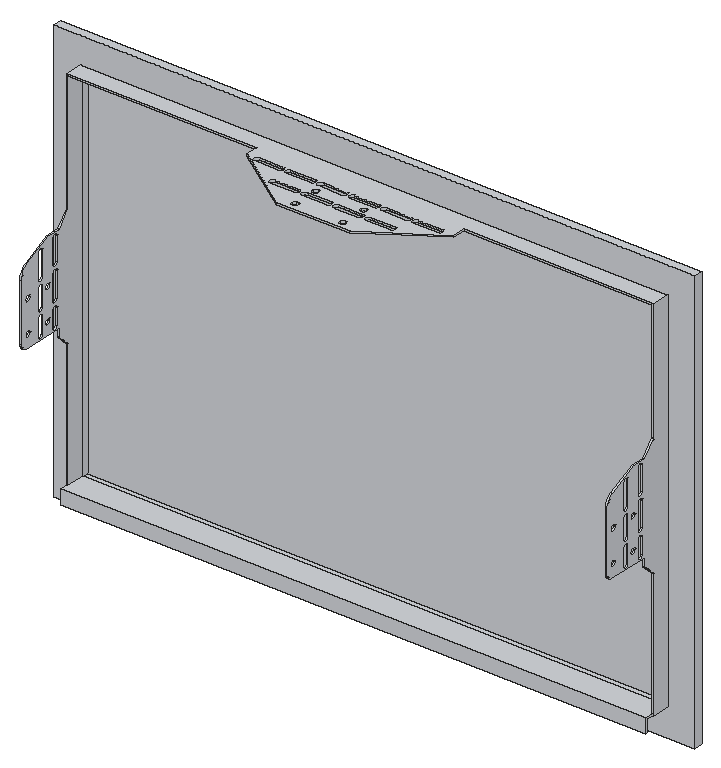
Revit family "AX8909E-530X350_0004", category Appareils sanitaires, Revit 2016
Family settings
  Hôte = Mur
  Type d'élément = Normal
  Cote de connecteur circulaire = Utiliser le diamètre
  Numéro OmniClass = 23.75.00.00
  Titre OmniClass = Climate Control (HVAC)
  Toujours verticalement = Oui
  Couper avec des vides une fois chargée = Non
  Partagée = Non
  Point de calcul de pièce = Non
Parameters (values of type "Type 1")
  URL = "https://www.axeuro.com"
  Modèle = "AX8909E-530X350"  # constant formula
  Matériaux = "En inox 304 (18/10) Bactériostatique"  # constant formula
  Finition = "Brossé Poli Satiné HyperPolish"  # constant formula
  Fabricant = "Axeuro"  # constant formula
  Description = "Clapet de poubelle"  # constant formula
Reference planes
  plane 1 "Mur": y = 0
  plane 2 "Centre (gauche/droite)": x = 0
  plane 3 "Arrière": y = 75
Forms (mm)
  Extrusion 1, solid
    sketch origin (123.191, 81.8, -85) x (1, 0, 0) y (0, 0, 1)
      loop
        line (141.809, 911.709) -> (-388.191, 911.709) -> (-388.191, 561.709) -> (141.809, 561.709) -> (141.809, 911.709)
    from 0 to 6.8
  Extrusion 2, void
    sketch origin (102, 5, 0) x (1, 0, 0) y (0, 0, 1)
      loop
        line (139.2, 802.709) -> (-343.2, 802.709) -> (-343.2, 500.009) -> (139.2, 500.009) -> (139.2, 802.709)
    from -76.8 to -70
  Extrusion 3, solid
    sketch origin (105.1, -70, -72.844) x (0, 1, 0) y (0, 0, 1)
      loop
        line (145, 796.209) -> (121.3, 766.209) -> (110.3, 766.209) -> (87.781, 755.352)
        arc (87.781, 755.352) -> (83.577, 751.45) -> (82.3, 745.859) r 9.736
        line (82.3, 745.859) -> (82.3, 697.832)
        arc (82.3, 697.832) -> (83.654, 694.563) -> (86.923, 693.209) r 4.623
        line (86.923, 693.209) -> (121.3, 693.209) -> (121.3, 686.209) -> (145, 663.209) -> (145, 796.209)
    from 136.1 to 137.5
  Extrusion 4, void
    sketch origin (105.1, -81.372, -54.977) x (0, 1, 0) y (0, 0, 1)
      loop
        line (125.072, 745.282) -> (125.072, 725.582)
        arc (125.072, 725.582) -> (127.722, 722.932) -> (130.372, 725.582) r 2.65
        line (130.372, 725.582) -> (130.372, 745.282)
        arc (130.372, 745.282) -> (127.722, 747.932) -> (125.072, 745.282) r 2.65
    from 136.1 to 137.5
  Extrusion 5, void
    sketch origin (105.1, -88.001, -81.277) x (0, 1, 0) y (0, 0, 1)
      loop
        line (131.701, 745.282) -> (131.701, 724.892)
        arc (131.701, 724.892) -> (134.351, 722.242) -> (137.001, 724.892) r 2.65
        line (137.001, 724.892) -> (137.001, 745.282)
        arc (137.001, 745.282) -> (134.351, 747.932) -> (131.701, 745.282) r 2.65
    from 136.1 to 137.5
  Extrusion 6, void
    sketch origin (105.1, -88.001, -108.268) x (0, 1, 0) y (0, 0, 1)
      loop
        line (131.701, 745.282) -> (131.701, 731.762)
        arc (131.701, 731.762) -> (134.351, 729.112) -> (137.001, 731.762) r 2.65
        line (137.001, 731.762) -> (137.001, 745.282)
        arc (137.001, 745.282) -> (134.351, 747.932) -> (131.701, 745.282) r 2.65
    from 136.1 to 137.5
  Extrusion 7, void
    sketch origin (105.1, -5.467, -86.345) x (0, 1, 0) y (0, 0, 1)
      loop
        circle (23.967, 717.01) r 2.65
    from 136.1 to 137.5
  Extrusion 8, void
    sketch origin (105.1, 14.933, -86.345) x (0, 1, 0) y (0, 0, 1)
      loop
        circle (23.967, 717.01) r 2.65
    from 136.1 to 137.5
  Extrusion 9, void
    sketch origin (105.1, -96.172, -59.688) x (0, 1, 0) y (0, 0, 1)
      loop
        line (125.072, 745.282) -> (125.072, 725.582)
        arc (125.072, 725.582) -> (127.722, 722.932) -> (130.372, 725.582) r 2.65
        line (130.372, 725.582) -> (130.372, 745.282)
        arc (130.372, 745.282) -> (127.722, 747.932) -> (125.072, 745.282) r 2.65
    from 136.1 to 137.5
  Extrusion 10, void
    sketch origin (105.1, -102.801, -81.277) x (0, 1, 0) y (0, 0, 1)
      loop
        line (131.701, 740.572) -> (131.701, 724.892)
        arc (131.701, 724.892) -> (134.351, 722.242) -> (137.001, 724.892) r 2.65
        line (137.001, 724.892) -> (137.001, 740.572)
        arc (137.001, 740.572) -> (134.351, 743.222) -> (131.701, 740.572) r 2.65
    from 136.1 to 137.5
  Extrusion 11, void
    sketch origin (105.1, -102.801, -108.268) x (0, 1, 0) y (0, 0, 1)
      loop
        line (131.701, 745.282) -> (131.701, 731.762)
        arc (131.701, 731.762) -> (134.351, 729.112) -> (137.001, 731.762) r 2.65
        line (137.001, 731.762) -> (137.001, 745.282)
        arc (137.001, 745.282) -> (134.351, 747.932) -> (131.701, 745.282) r 2.65
    from 136.1 to 137.5
  Extrusion 12, void
    sketch origin (105.1, -5.467, -60.145) x (0, 1, 0) y (0, 0, 1)
      loop
        circle (23.967, 717.01) r 2.65
    from 136.1 to 137.5
  Extrusion 13, void
    sketch origin (105.1, 14.933, -60.145) x (0, 1, 0) y (0, 0, 1)
      loop
        circle (23.967, 717.01) r 2.65
    from 136.1 to 137.5
  Extrusion 14, solid
    sketch origin (102, 0, -157.41) x (0, 1, 0) y (0, 0, 1)
      loop
        line (75, 658.109) -> (53, 658.109) -> (53, 646.109) -> (54.4, 646.109) -> (54.4, 656.709) -> (75, 656.709) -> (75, 658.109)
    from -343.7 to 139.7
  Extrusion 15, solid
    sketch origin (-0.015, 0, -22.1) x (1, 0, 0) y (0, 1, 0)
      loop
        line (-85.5, 75) -> (-85.5, 49.8) -> (-30, 12.273) -> (30, 12.273) -> (85.5, 49.8) -> (85.5, 75) -> (-85.5, 75)
    from 825.309 to 826.709
  Extrusion 16, void
    sketch origin (-38.719, -106.688, 2.4) x (1, 0, 0) y (0, 1, 0)
      loop
        arc (68.305, 141.411) -> (65.655, 138.761) -> (68.305, 136.111) r 2.65
        line (68.305, 136.111) -> (88.005, 136.111)
        arc (88.005, 136.111) -> (90.655, 138.761) -> (88.005, 141.411) r 2.65
        line (88.005, 141.411) -> (68.305, 141.411)
    from 800.809 to 802.209
  Extrusion 17, void
    sketch origin (-52.367, -79.673, 2.4) x (1, 0, 0) y (0, 1, 0)
      loop
        circle (32.602, 97.746) r 2.68
    from 800.809 to 802.209
  Extrusion 18, void
    sketch origin (-12.867, -79.673, 2.4) x (1, 0, 0) y (0, 1, 0)
      loop
        circle (32.602, 97.746) r 2.68
    from 800.809 to 802.209
  Extrusion 19, solid
    sketch origin (102, 75, 0) x (1, 0, 0) y (0, 0, 1)
      loop
        line (139.2, 803.209) -> (-343.2, 803.209) -> (-343.2, 500.699) -> (139.2, 500.699) -> (139.2, 803.209)
      loop
        line (140.6, 804.609) -> (-344.6, 804.609) -> (-344.6, 499.299) -> (140.6, 499.299) -> (140.6, 804.609)
    from 0 to 14.8
  Extrusion 20, solid
    sketch origin (-105.1, -70, -72.844) x (0, 1, 0) y (0, 0, -1)
      loop
        line (145, -796.209) -> (145, -663.209) -> (121.3, -686.209) -> (121.3, -693.209) -> (86.923, -693.209)
        arc (86.923, -693.209) -> (83.654, -694.563) -> (82.3, -697.832) r 4.623
        line (82.3, -697.832) -> (82.3, -745.859)
        arc (82.3, -745.859) -> (83.577, -751.45) -> (87.781, -755.352) r 9.736
        line (87.781, -755.352) -> (110.3, -766.209) -> (121.3, -766.209) -> (145, -796.209)
    from 136.1 to 137.5
  Extrusion 21, void
    sketch origin (-105.1, -81.372, -54.977) x (0, 1, 0) y (0, 0, -1)
      loop
        arc (125.072, -745.282) -> (127.722, -747.932) -> (130.372, -745.282) r 2.65
        line (130.372, -745.282) -> (130.372, -725.582)
        arc (130.372, -725.582) -> (127.722, -722.932) -> (125.072, -725.582) r 2.65
        line (125.072, -725.582) -> (125.072, -745.282)
    from 136.1 to 137.5
  Extrusion 22, void
    sketch origin (-105.1, -88.001, -81.277) x (0, 1, 0) y (0, 0, -1)
      loop
        arc (131.701, -745.282) -> (134.351, -747.932) -> (137.001, -745.282) r 2.65
        line (137.001, -745.282) -> (137.001, -724.892)
        arc (137.001, -724.892) -> (134.351, -722.242) -> (131.701, -724.892) r 2.65
        line (131.701, -724.892) -> (131.701, -745.282)
    from 136.1 to 137.5
  Extrusion 23, void
    sketch origin (-105.1, -88.001, -108.268) x (0, 1, 0) y (0, 0, -1)
      loop
        arc (131.701, -745.282) -> (134.351, -747.932) -> (137.001, -745.282) r 2.65
        line (137.001, -745.282) -> (137.001, -731.762)
        arc (137.001, -731.762) -> (134.351, -729.112) -> (131.701, -731.762) r 2.65
        line (131.701, -731.762) -> (131.701, -745.282)
    from 136.1 to 137.5
  Extrusion 24, void
    sketch origin (-105.1, -5.467, -86.345) x (0, 1, 0) y (0, 0, -1)
      loop
        circle (23.967, -717.01) r 2.65
    from 136.1 to 137.5
  Extrusion 25, void
    sketch origin (-105.1, 14.933, -86.345) x (0, 1, 0) y (0, 0, -1)
      loop
        circle (23.967, -717.01) r 2.65
    from 136.1 to 137.5
  Extrusion 26, void
    sketch origin (-105.1, -96.172, -59.688) x (0, 1, 0) y (0, 0, -1)
      loop
        arc (125.072, -745.282) -> (127.722, -747.932) -> (130.372, -745.282) r 2.65
        line (130.372, -745.282) -> (130.372, -725.582)
        arc (130.372, -725.582) -> (127.722, -722.932) -> (125.072, -725.582) r 2.65
        line (125.072, -725.582) -> (125.072, -745.282)
    from 136.1 to 137.5
  Extrusion 27, void
    sketch origin (-105.1, -102.801, -81.277) x (0, 1, 0) y (0, 0, -1)
      loop
        arc (131.701, -740.572) -> (134.351, -743.222) -> (137.001, -740.572) r 2.65
        line (137.001, -740.572) -> (137.001, -724.892)
        arc (137.001, -724.892) -> (134.351, -722.242) -> (131.701, -724.892) r 2.65
        line (131.701, -724.892) -> (131.701, -740.572)
    from 136.1 to 137.5
  Extrusion 28, void
    sketch origin (-105.1, -102.801, -108.268) x (0, 1, 0) y (0, 0, -1)
      loop
        arc (131.701, -745.282) -> (134.351, -747.932) -> (137.001, -745.282) r 2.65
        line (137.001, -745.282) -> (137.001, -731.762)
        arc (137.001, -731.762) -> (134.351, -729.112) -> (131.701, -731.762) r 2.65
        line (131.701, -731.762) -> (131.701, -745.282)
    from 136.1 to 137.5
  Extrusion 29, void
    sketch origin (-105.1, -5.467, -60.145) x (0, 1, 0) y (0, 0, -1)
      loop
        circle (23.967, -717.01) r 2.65
    from 136.1 to 137.5
  Extrusion 30, void
    sketch origin (-105.1, 14.933, -60.145) x (0, 1, 0) y (0, 0, -1)
      loop
        circle (23.967, -717.01) r 2.65
    from 136.1 to 137.5
  Extrusion 31, void
    sketch origin (-52.367, -58.473, 2.4) x (1, 0, 0) y (0, 1, 0)
      loop
        circle (32.602, 97.746) r 2.68
    from 800.809 to 802.209
  Extrusion 32, void
    sketch origin (-12.867, -58.473, 2.4) x (1, 0, 0) y (0, 1, 0)
      loop
        circle (32.602, 97.746) r 2.68
    from 800.809 to 802.209
  Extrusion 33, void
    sketch origin (-65.019, -106.688, 2.4) x (1, 0, 0) y (0, 1, 0)
      loop
        arc (68.305, 141.411) -> (65.655, 138.761) -> (68.305, 136.111) r 2.65
        line (68.305, 136.111) -> (88.005, 136.111)
        arc (88.005, 136.111) -> (90.655, 138.761) -> (88.005, 141.411) r 2.65
        line (88.005, 141.411) -> (68.305, 141.411)
    from 800.809 to 802.209
  Extrusion 34, void
    sketch origin (38.69, -106.688, 2.4) x (-1, 0, 0) y (0, -1, 0)
      loop
        line (68.305, -141.411) -> (88.005, -141.411)
        arc (88.005, -141.411) -> (90.655, -138.761) -> (88.005, -136.111) r 2.65
        line (88.005, -136.111) -> (68.305, -136.111)
        arc (68.305, -136.111) -> (65.655, -138.761) -> (68.305, -141.411) r 2.65
    from 800.809 to 802.209
  Extrusion 35, void
    sketch origin (64.99, -106.688, 2.4) x (-1, 0, 0) y (0, -1, 0)
      loop
        line (68.305, -141.411) -> (88.005, -141.411)
        arc (88.005, -141.411) -> (90.655, -138.761) -> (88.005, -136.111) r 2.65
        line (88.005, -136.111) -> (68.305, -136.111)
        arc (68.305, -136.111) -> (65.655, -138.761) -> (68.305, -141.411) r 2.65
    from 800.809 to 802.209
  Extrusion 36, void
    sketch origin (-38.719, -90.188, 2.4) x (1, 0, 0) y (0, 1, 0)
      loop
        arc (68.305, 141.411) -> (65.655, 138.761) -> (68.305, 136.111) r 2.65
        line (68.305, 136.111) -> (88.005, 136.111)
        arc (88.005, 136.111) -> (90.655, 138.761) -> (88.005, 141.411) r 2.65
        line (88.005, 141.411) -> (68.305, 141.411)
    from 800.809 to 802.209
  Extrusion 37, void
    sketch origin (-65.019, -90.188, 2.4) x (1, 0, 0) y (0, 1, 0)
      loop
        arc (68.305, 141.411) -> (65.655, 138.761) -> (68.305, 136.111) r 2.65
        line (68.305, 136.111) -> (88.005, 136.111)
        arc (88.005, 136.111) -> (90.655, 138.761) -> (88.005, 141.411) r 2.65
        line (88.005, 141.411) -> (68.305, 141.411)
    from 800.809 to 802.209
  Extrusion 38, void
    sketch origin (38.69, -90.188, 2.4) x (-1, 0, 0) y (0, -1, 0)
      loop
        line (68.305, -141.411) -> (88.005, -141.411)
        arc (88.005, -141.411) -> (90.655, -138.761) -> (88.005, -136.111) r 2.65
        line (88.005, -136.111) -> (68.305, -136.111)
        arc (68.305, -136.111) -> (65.655, -138.761) -> (68.305, -141.411) r 2.65
    from 800.809 to 802.209
  Extrusion 39, void
    sketch origin (64.99, -90.188, 2.4) x (-1, 0, 0) y (0, -1, 0)
      loop
        line (68.305, -141.411) -> (88.005, -141.411)
        arc (88.005, -141.411) -> (90.655, -138.761) -> (88.005, -136.111) r 2.65
        line (88.005, -136.111) -> (68.305, -136.111)
        arc (68.305, -136.111) -> (65.655, -138.761) -> (68.305, -141.411) r 2.65
    from 800.809 to 802.209
  Extrusion 40, void
    sketch origin (12.39, -90.188, 2.4) x (-1, 0, 0) y (0, -1, 0)
      loop
        line (68.305, -141.411) -> (88.005, -141.411)
        arc (88.005, -141.411) -> (90.655, -138.761) -> (88.005, -136.111) r 2.65
        line (88.005, -136.111) -> (68.305, -136.111)
        arc (68.305, -136.111) -> (65.655, -138.761) -> (68.305, -141.411) r 2.65
    from 800.809 to 802.209
  Extrusion 41, void
    sketch origin (-12.419, -90.188, 2.4) x (1, 0, 0) y (0, 1, 0)
      loop
        arc (68.305, 141.411) -> (65.655, 138.761) -> (68.305, 136.111) r 2.65
        line (68.305, 136.111) -> (88.005, 136.111)
        arc (88.005, 136.111) -> (90.655, 138.761) -> (88.005, 141.411) r 2.65
        line (88.005, 141.411) -> (68.305, 141.411)
    from 800.809 to 802.209
  Extrusion 42, solid
    sketch origin (102, 75, 0) x (1, 0, 0) y (0, 0, 1)
      loop
        line (139.2, 802.709) -> (-343.2, 802.709) -> (-343.2, 500.009) -> (139.2, 500.009) -> (139.2, 802.709)
    from -6.8 to -5.4
  Extrusion 43, solid, not visible
    sketch origin (-105.6, -70, -72.844) x (0, 1, 0) y (0, 0, -1)
      loop
        line (145, -796.209) -> (145, -663.209) -> (121.3, -686.209) -> (121.3, -693.209) -> (86.923, -693.209)
        arc (86.923, -693.209) -> (83.654, -694.563) -> (82.3, -697.832) r 4.623
        line (82.3, -697.832) -> (82.3, -745.859)
        arc (82.3, -745.859) -> (83.577, -751.45) -> (87.781, -755.352) r 9.736
        line (87.781, -755.352) -> (110.3, -766.209) -> (121.3, -766.209) -> (145, -796.209)
    from 136.1 to 137.5
  Extrusion 44, void, not visible
    sketch origin (-105.6, -81.372, -54.977) x (0, 1, 0) y (0, 0, -1)
      loop
        arc (125.072, -745.282) -> (127.722, -747.932) -> (130.372, -745.282) r 2.65
        line (130.372, -745.282) -> (130.372, -725.582)
        arc (130.372, -725.582) -> (127.722, -722.932) -> (125.072, -725.582) r 2.65
        line (125.072, -725.582) -> (125.072, -745.282)
    from 136.1 to 137.5
  Extrusion 45, void, not visible
    sketch origin (-105.6, -88.001, -81.277) x (0, 1, 0) y (0, 0, -1)
      loop
        arc (131.701, -745.282) -> (134.351, -747.932) -> (137.001, -745.282) r 2.65
        line (137.001, -745.282) -> (137.001, -724.892)
        arc (137.001, -724.892) -> (134.351, -722.242) -> (131.701, -724.892) r 2.65
        line (131.701, -724.892) -> (131.701, -745.282)
    from 136.1 to 137.5
  Extrusion 46, void, not visible
    sketch origin (-105.6, -88.001, -108.268) x (0, 1, 0) y (0, 0, -1)
      loop
        arc (131.701, -745.282) -> (134.351, -747.932) -> (137.001, -745.282) r 2.65
        line (137.001, -745.282) -> (137.001, -731.762)
        arc (137.001, -731.762) -> (134.351, -729.112) -> (131.701, -731.762) r 2.65
        line (131.701, -731.762) -> (131.701, -745.282)
    from 136.1 to 137.5
  Extrusion 47, void, not visible
    sketch origin (-105.6, -5.467, -86.345) x (0, 1, 0) y (0, 0, -1)
      loop
        circle (23.967, -717.01) r 2.65
    from 136.1 to 137.5
  Extrusion 48, void, not visible
    sketch origin (-105.6, 14.933, -86.345) x (0, 1, 0) y (0, 0, -1)
      loop
        circle (23.967, -717.01) r 2.65
    from 136.1 to 137.5
  Extrusion 49, void, not visible
    sketch origin (-105.6, -96.172, -59.688) x (0, 1, 0) y (0, 0, -1)
      loop
        arc (125.072, -745.282) -> (127.722, -747.932) -> (130.372, -745.282) r 2.65
        line (130.372, -745.282) -> (130.372, -725.582)
        arc (130.372, -725.582) -> (127.722, -722.932) -> (125.072, -725.582) r 2.65
        line (125.072, -725.582) -> (125.072, -745.282)
    from 136.1 to 137.5
  Extrusion 50, void, not visible
    sketch origin (-105.6, -102.801, -81.277) x (0, 1, 0) y (0, 0, -1)
      loop
        arc (131.701, -740.572) -> (134.351, -743.222) -> (137.001, -740.572) r 2.65
        line (137.001, -740.572) -> (137.001, -724.892)
        arc (137.001, -724.892) -> (134.351, -722.242) -> (131.701, -724.892) r 2.65
        line (131.701, -724.892) -> (131.701, -740.572)
    from 136.1 to 137.5
  Extrusion 51, void, not visible
    sketch origin (-105.6, -102.801, -108.268) x (0, 1, 0) y (0, 0, -1)
      loop
        arc (131.701, -745.282) -> (134.351, -747.932) -> (137.001, -745.282) r 2.65
        line (137.001, -745.282) -> (137.001, -731.762)
        arc (137.001, -731.762) -> (134.351, -729.112) -> (131.701, -731.762) r 2.65
        line (131.701, -731.762) -> (131.701, -745.282)
    from 136.1 to 137.5
  Extrusion 52, void, not visible
    sketch origin (-105.6, -5.467, -60.145) x (0, 1, 0) y (0, 0, -1)
      loop
        circle (23.967, -717.01) r 2.65
    from 136.1 to 137.5
  Extrusion 53, void, not visible
    sketch origin (-105.6, 14.933, -60.145) x (0, 1, 0) y (0, 0, -1)
      loop
        circle (23.967, -717.01) r 2.65
    from 136.1 to 137.5
  Extrusion 54, solid, not visible
    sketch origin (105.6, -70, -72.844) x (0, 1, 0) y (0, 0, 1)
      loop
        line (145, 796.209) -> (121.3, 766.209) -> (110.3, 766.209) -> (87.781, 755.352)
        arc (87.781, 755.352) -> (83.577, 751.45) -> (82.3, 745.859) r 9.736
        line (82.3, 745.859) -> (82.3, 697.832)
        arc (82.3, 697.832) -> (83.654, 694.563) -> (86.923, 693.209) r 4.623
        line (86.923, 693.209) -> (121.3, 693.209) -> (121.3, 686.209) -> (145, 663.209) -> (145, 796.209)
    from 136.1 to 137.5
  Extrusion 55, void, not visible
    sketch origin (105.6, -81.372, -54.977) x (0, 1, 0) y (0, 0, 1)
      loop
        line (125.072, 745.282) -> (125.072, 725.582)
        arc (125.072, 725.582) -> (127.722, 722.932) -> (130.372, 725.582) r 2.65
        line (130.372, 725.582) -> (130.372, 745.282)
        arc (130.372, 745.282) -> (127.722, 747.932) -> (125.072, 745.282) r 2.65
    from 136.1 to 137.5
  Extrusion 56, void, not visible
    sketch origin (105.6, -88.001, -81.277) x (0, 1, 0) y (0, 0, 1)
      loop
        line (131.701, 745.282) -> (131.701, 724.892)
        arc (131.701, 724.892) -> (134.351, 722.242) -> (137.001, 724.892) r 2.65
        line (137.001, 724.892) -> (137.001, 745.282)
        arc (137.001, 745.282) -> (134.351, 747.932) -> (131.701, 745.282) r 2.65
    from 136.1 to 137.5
  Extrusion 57, void, not visible
    sketch origin (105.6, -88.001, -108.268) x (0, 1, 0) y (0, 0, 1)
      loop
        line (131.701, 745.282) -> (131.701, 731.762)
        arc (131.701, 731.762) -> (134.351, 729.112) -> (137.001, 731.762) r 2.65
        line (137.001, 731.762) -> (137.001, 745.282)
        arc (137.001, 745.282) -> (134.351, 747.932) -> (131.701, 745.282) r 2.65
    from 136.1 to 137.5
  Extrusion 58, void, not visible
    sketch origin (105.6, -5.467, -86.345) x (0, 1, 0) y (0, 0, 1)
      loop
        circle (23.967, 717.01) r 2.65
    from 136.1 to 137.5
  Extrusion 59, void, not visible
    sketch origin (105.6, 14.933, -86.345) x (0, 1, 0) y (0, 0, 1)
      loop
        circle (23.967, 717.01) r 2.65
    from 136.1 to 137.5
  Extrusion 60, void, not visible
    sketch origin (105.6, -96.172, -59.688) x (0, 1, 0) y (0, 0, 1)
      loop
        line (125.072, 745.282) -> (125.072, 725.582)
        arc (125.072, 725.582) -> (127.722, 722.932) -> (130.372, 725.582) r 2.65
        line (130.372, 725.582) -> (130.372, 745.282)
        arc (130.372, 745.282) -> (127.722, 747.932) -> (125.072, 745.282) r 2.65
    from 136.1 to 137.5
  Extrusion 61, void, not visible
    sketch origin (105.6, -102.801, -81.277) x (0, 1, 0) y (0, 0, 1)
      loop
        line (131.701, 740.572) -> (131.701, 724.892)
        arc (131.701, 724.892) -> (134.351, 722.242) -> (137.001, 724.892) r 2.65
        line (137.001, 724.892) -> (137.001, 740.572)
        arc (137.001, 740.572) -> (134.351, 743.222) -> (131.701, 740.572) r 2.65
    from 136.1 to 137.5
  Extrusion 62, void, not visible
    sketch origin (105.6, -102.801, -108.268) x (0, 1, 0) y (0, 0, 1)
      loop
        line (131.701, 745.282) -> (131.701, 731.762)
        arc (131.701, 731.762) -> (134.351, 729.112) -> (137.001, 731.762) r 2.65
        line (137.001, 731.762) -> (137.001, 745.282)
        arc (137.001, 745.282) -> (134.351, 747.932) -> (131.701, 745.282) r 2.65
    from 136.1 to 137.5
  Extrusion 63, void, not visible
    sketch origin (105.6, -5.467, -60.145) x (0, 1, 0) y (0, 0, 1)
      loop
        circle (23.967, 717.01) r 2.65
    from 136.1 to 137.5
  Extrusion 64, void, not visible
    sketch origin (105.6, 14.933, -60.145) x (0, 1, 0) y (0, 0, 1)
      loop
        circle (23.967, 717.01) r 2.65
    from 136.1 to 137.5
  Extrusion 65, solid, not visible
    sketch origin (-0.015, 0, -23.1) x (1, 0, 0) y (0, 1, 0)
      loop
        line (-85.5, 75) -> (-85.5, 49.8) -> (-30, 12.273) -> (30, 12.273) -> (85.5, 49.8) -> (85.5, 75) -> (-85.5, 75)
    from 825.309 to 826.709
  Extrusion 66, void, not visible
    sketch origin (-38.719, -106.688, 1.4) x (1, 0, 0) y (0, 1, 0)
      loop
        arc (68.305, 141.411) -> (65.655, 138.761) -> (68.305, 136.111) r 2.65
        line (68.305, 136.111) -> (88.005, 136.111)
        arc (88.005, 136.111) -> (90.655, 138.761) -> (88.005, 141.411) r 2.65
        line (88.005, 141.411) -> (68.305, 141.411)
    from 800.809 to 802.209
  Extrusion 67, void, not visible
    sketch origin (-52.367, -79.673, 1.4) x (1, 0, 0) y (0, 1, 0)
      loop
        circle (32.602, 97.746) r 2.68
    from 800.809 to 802.209
  Extrusion 68, void, not visible
    sketch origin (-12.867, -79.673, 1.4) x (1, 0, 0) y (0, 1, 0)
      loop
        circle (32.602, 97.746) r 2.68
    from 800.809 to 802.209
  Extrusion 69, void, not visible
    sketch origin (-52.367, -58.473, 1.4) x (1, 0, 0) y (0, 1, 0)
      loop
        circle (32.602, 97.746) r 2.68
    from 800.809 to 802.209
  Extrusion 70, void, not visible
    sketch origin (-12.867, -58.473, 1.4) x (1, 0, 0) y (0, 1, 0)
      loop
        circle (32.602, 97.746) r 2.68
    from 800.809 to 802.209
  Extrusion 71, void, not visible
    sketch origin (-65.019, -106.688, 1.4) x (1, 0, 0) y (0, 1, 0)
      loop
        arc (68.305, 141.411) -> (65.655, 138.761) -> (68.305, 136.111) r 2.65
        line (68.305, 136.111) -> (88.005, 136.111)
        arc (88.005, 136.111) -> (90.655, 138.761) -> (88.005, 141.411) r 2.65
        line (88.005, 141.411) -> (68.305, 141.411)
    from 800.809 to 802.209
  Extrusion 72, void, not visible
    sketch origin (38.69, -106.688, 1.4) x (-1, 0, 0) y (0, -1, 0)
      loop
        line (68.305, -141.411) -> (88.005, -141.411)
        arc (88.005, -141.411) -> (90.655, -138.761) -> (88.005, -136.111) r 2.65
        line (88.005, -136.111) -> (68.305, -136.111)
        arc (68.305, -136.111) -> (65.655, -138.761) -> (68.305, -141.411) r 2.65
    from 800.809 to 802.209
  Extrusion 73, void, not visible
    sketch origin (64.99, -106.688, 1.4) x (-1, 0, 0) y (0, -1, 0)
      loop
        line (68.305, -141.411) -> (88.005, -141.411)
        arc (88.005, -141.411) -> (90.655, -138.761) -> (88.005, -136.111) r 2.65
        line (88.005, -136.111) -> (68.305, -136.111)
        arc (68.305, -136.111) -> (65.655, -138.761) -> (68.305, -141.411) r 2.65
    from 800.809 to 802.209
  Extrusion 74, void, not visible
    sketch origin (-38.719, -90.188, 1.4) x (1, 0, 0) y (0, 1, 0)
      loop
        arc (68.305, 141.411) -> (65.655, 138.761) -> (68.305, 136.111) r 2.65
        line (68.305, 136.111) -> (88.005, 136.111)
        arc (88.005, 136.111) -> (90.655, 138.761) -> (88.005, 141.411) r 2.65
        line (88.005, 141.411) -> (68.305, 141.411)
    from 800.809 to 802.209
  Extrusion 75, void, not visible
    sketch origin (-65.019, -90.188, 1.4) x (1, 0, 0) y (0, 1, 0)
      loop
        arc (68.305, 141.411) -> (65.655, 138.761) -> (68.305, 136.111) r 2.65
        line (68.305, 136.111) -> (88.005, 136.111)
        arc (88.005, 136.111) -> (90.655, 138.761) -> (88.005, 141.411) r 2.65
        line (88.005, 141.411) -> (68.305, 141.411)
    from 800.809 to 802.209
  Extrusion 76, void, not visible
    sketch origin (38.69, -90.188, 1.4) x (-1, 0, 0) y (0, -1, 0)
      loop
        line (68.305, -141.411) -> (88.005, -141.411)
        arc (88.005, -141.411) -> (90.655, -138.761) -> (88.005, -136.111) r 2.65
        line (88.005, -136.111) -> (68.305, -136.111)
        arc (68.305, -136.111) -> (65.655, -138.761) -> (68.305, -141.411) r 2.65
    from 800.809 to 802.209
  Extrusion 77, void, not visible
    sketch origin (64.99, -90.188, 1.4) x (-1, 0, 0) y (0, -1, 0)
      loop
        line (68.305, -141.411) -> (88.005, -141.411)
        arc (88.005, -141.411) -> (90.655, -138.761) -> (88.005, -136.111) r 2.65
        line (88.005, -136.111) -> (68.305, -136.111)
        arc (68.305, -136.111) -> (65.655, -138.761) -> (68.305, -141.411) r 2.65
    from 800.809 to 802.209
  Extrusion 78, void, not visible
    sketch origin (12.39, -90.188, 1.4) x (-1, 0, 0) y (0, -1, 0)
      loop
        line (68.305, -141.411) -> (88.005, -141.411)
        arc (88.005, -141.411) -> (90.655, -138.761) -> (88.005, -136.111) r 2.65
        line (88.005, -136.111) -> (68.305, -136.111)
        arc (68.305, -136.111) -> (65.655, -138.761) -> (68.305, -141.411) r 2.65
    from 800.809 to 802.209
  Extrusion 79, void, not visible
    sketch origin (-12.419, -90.188, 1.4) x (1, 0, 0) y (0, 1, 0)
      loop
        arc (68.305, 141.411) -> (65.655, 138.761) -> (68.305, 136.111) r 2.65
        line (68.305, 136.111) -> (88.005, 136.111)
        arc (88.005, 136.111) -> (90.655, 138.761) -> (88.005, 141.411) r 2.65
        line (88.005, 141.411) -> (68.305, 141.411)
    from 800.809 to 802.209
Cuts and joins
  Extrusion 2 cuts Extrusion 1
  Extrusion 4, Extrusion 5, Extrusion 6, Extrusion 7, Extrusion 8, Extrusion 9, Extrusion 10, Extrusion 11, Extrusion 12, Extrusion 13, Extrusion 21, Extrusion 22, Extrusion 23, Extrusion 24, Extrusion 25, Extrusion 26, Extrusion 27, Extrusion 28, Extrusion 29, Extrusion 30 cuts Extrusion 3
  Extrusion 16, Extrusion 17, Extrusion 18, Extrusion 31, Extrusion 32, Extrusion 33, Extrusion 34, Extrusion 35, Extrusion 36, Extrusion 37, Extrusion 38, Extrusion 39, Extrusion 40, Extrusion 41 cuts Extrusion 15
  Extrusion 21, Extrusion 22, Extrusion 23, Extrusion 24, Extrusion 25, Extrusion 26, Extrusion 27, Extrusion 28, Extrusion 29, Extrusion 30 cuts Extrusion 20
  joined: Extrusion 3, Extrusion 14, Extrusion 15, Extrusion 19, Extrusion 20
Text (mm)
  text "Côté de la mise en place" at (-1820.995, 1116.779, 0), in view "Niveau de réf."
  text "Côté de la mise en place" at (0, 1334.055, 2976.191), in view "Gauche"
  text "Côté de la mise en place" at (0, 439.194, 2944.362), in view "Droite"
Dimensions and locks
  locked: plane 3 "Arrière" to host wall
  aligned and locked: plane 1 "Mur" to host wall
